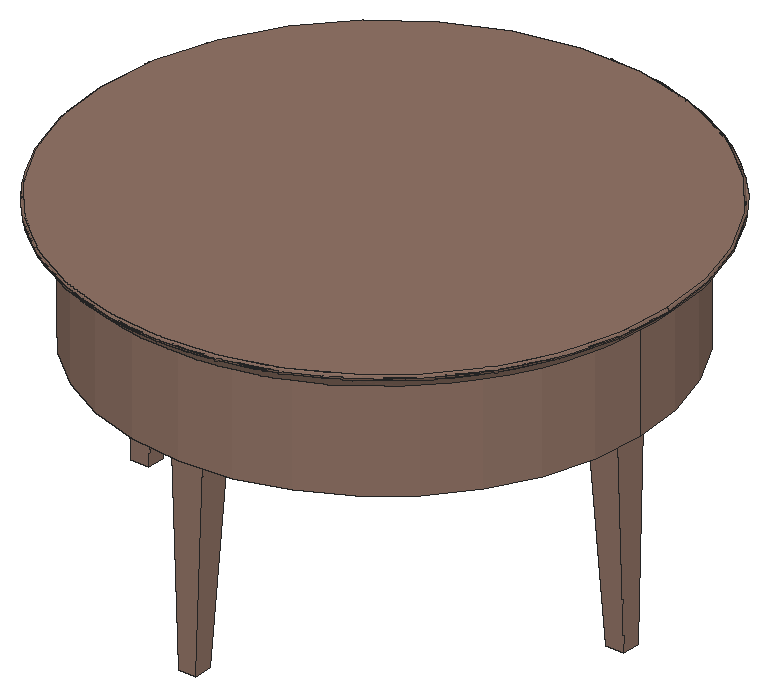
Revit family "OFS_BRANDS_EMBRACE_TABLES", category Furniture Systems, Revit 2013
Parameters (values of type "ROUND COCKTAIL TABLE")
  W3 = 0' - 0.36405"
  W2 = 0' - 0.82345"
  W = 2' - 0"
  URL = "http://ofsbrands.com"
  SQUARE TABLE = no
  ROUND TABLE = yes
  Model = "EFC108-32RD"
  Manufacturer = "OFS BRANDS"
  LEG.P.R2 = 2' - 3.87996"
  LEG.P.R1 = 2' - 3.87996"
  LEG POSITION1 = 0' - 0 5/8"
  LEG POSITION 2 = 0' - 1 13/16"
  H3 = 0' - 6"
  H2 = 0' - 1"
  H.R2 = 1' - 5"
  H.R = 1' - 6"
  H LEG = 0' - 11"
  H = 1' - 6"
  Description = "OFS BRANDS Embrace Tables"
  DIAMETER2 = 2' - 5.06353"
  DIAMETER = 2' - 8.18395"
  D2 = 0' - 1 3/16"
  D = 2' - 0"
  Copyright © = "© OFS BRANDS 2017"
  Catalog = "OFS BRANDS http://ofs.com"
  Authoring Version = "Autodesk Revit Architecture 2013"
  Assembly Code = "E2020200"
Types (6): name | W | SQUARE TABLE | ROUND TABLE | Model | LEG.P.R2 | LEG.P.R1 | H.R2 | H.R | H LEG | H | DIAMETER2 | DIAMETER | D
  (no name) | 2' - 0" | no | yes | "EFC108-32RD" | 2' - 3.87996" | 2' - 3.87996" | 1' - 5" | 1' - 6" | 0' - 11" | 1' - 6" | 2' - 5.06353" | 2' - 8.18395" | 2' - 0"
  RECTANGLE CONSOLE TABLE | 5' - 0" | yes | no | "EFC108-18X60" | 1' - 2 5/32" | 1' - 2 5/32" | 2' - 11" | 3' - 0" | 2' - 5" | 3' - 0" | 1' - 4" | 1' - 5" | 1' - 6"
  SQUARE END TABLE | 2' - 0" | yes | no | "EFC108-24SQ" | 1' - 4" | 1' - 4" | 1' - 5" | 1' - 6" | 1' - 4" | 1' - 11" | 1' - 5" | 1' - 6" | 2' - 0"
  ROUND COCKTAIL TABLE | 2' - 0" | no | yes | "EFC108-32RD" | 2' - 3.87996" | 2' - 3.87996" | 1' - 5" | 1' - 6" | 0' - 11" | 1' - 6" | 2' - 5.06353" | 2' - 8.18395" | 2' - 0"
  ROUND END TABLE 24 | 2' - 0" | no | yes | "EFC108-24RD" | 1' - 8 5/32" | 1' - 8 5/32" | 1' - 10" | 1' - 11" | 1' - 4" | 1' - 11" | 1' - 9 1/2" | 2' - 0" | 2' - 0"
  ROUND END TABLE 18 | 2' - 0" | no | yes | "EFC108-18RD" | 1' - 2 5/32" | 1' - 2 5/32" | 1' - 10" | 1' - 11" | 1' - 4" | 1' - 11" | 1' - 3 1/2" | 1' - 6" | 2' - 0"
Reference planes (in)
  plane 1 "Center F/B": y = 0
  plane 2: z = 0
  plane 3 "Center L/R": x = 0
  plane 4: y = 12
  plane 5: y = -12
  plane 6: x = -12
  plane 7: x = 12
  plane 8: z = 18
  plane 9: y = 11.17655
  plane 10: y = -11.17655
  plane 11: y = 10.812
  plane 12: y = -10.8125
  plane 13: y = -10.1875
  plane 14: y = 10.187
  plane 15: x = -10.1875
  plane 16: x = -29.17655
  plane 17: x = -10.8125
  plane 18: x = 29.17655
  plane 19: x = 10.8125
  plane 20: x = 10.1875
  plane 21: z = 17
  plane 22: z = 11
  plane 23: z = 11
  plane 24: y = 13.93998
  plane 25: y = -13.93998
  plane 26: x = -13.93998
  plane 27: x = 13.93998
  plane 28: z = 18
  plane 29: z = 17
Forms (in)
  Extrusion 1, solid, material "OFS_BRANDS_EMBRACE_TABLES_WOOD", visible <- "SQUARE TABLE"
    sketch origin (0, 0, 0) x (1, 0, 0) y (0, 1, 0)
      loop
        line (-10.8125, 10.812) -> (-10.8125, -10.8125) -> (10.8125, -10.8125) -> (10.8125, 10.812) -> (-10.8125, 10.812)
    from 11 to 17
  Blend 2, solid, material "OFS_BRANDS_EMBRACE_TABLES_WOOD", visible <- "SQUARE TABLE"
    base sketch origin (0, 0, 0) x (1, 0, 0) y (0, 1, 0)
      loop
        line (-10.1875, 8.8125) -> (-8.8125, 8.8125) -> (-8.8125, 10.187) -> (-10.1875, 10.187) -> (-10.1875, 8.8125)
    top sketch origin (0, 0, 0) x (1, 0, 0) y (0, 1, 0)
      loop
        line (-10.1875, 10.187) -> (-10.1875, 8.43754) -> (-8.4375, 8.43754) -> (-8.4375, 10.187) -> (-10.1875, 10.187)
    from 0 to 11
  Blend 3, solid, material "OFS_BRANDS_EMBRACE_TABLES_WOOD", visible <- "SQUARE TABLE"
    base sketch origin (0, 0, 0) x (1, 0, 0) y (0, 1, 0)
      loop
        line (-10.1875, -8.8125) -> (-10.1875, -10.187) -> (-8.8125, -10.187) -> (-8.8125, -8.8125) -> (-10.1875, -8.8125)
    top sketch origin (0, 0, 0) x (1, 0, 0) y (0, 1, 0)
      loop
        line (-10.1875, -10.187) -> (-8.4375, -10.187) -> (-8.4375, -8.43754) -> (-10.1875, -8.43754) -> (-10.1875, -10.187)
    from 0 to 11
  Blend 4, solid, material "OFS_BRANDS_EMBRACE_TABLES_WOOD", visible <- "SQUARE TABLE"
    base sketch origin (0, 0, 0) x (-1, 0, 0) y (0, -1, 0)
      loop
        line (-10.1875, -8.8125) -> (-10.1875, -10.187) -> (-8.8125, -10.187) -> (-8.8125, -8.8125) -> (-10.1875, -8.8125)
    top sketch origin (0, 0, 0) x (-1, 0, 0) y (0, -1, 0)
      loop
        line (-10.1875, -10.187) -> (-8.4375, -10.187) -> (-8.4375, -8.43754) -> (-10.1875, -8.43754) -> (-10.1875, -10.187)
    from 0 to 11
  Blend 5, solid, material "OFS_BRANDS_EMBRACE_TABLES_WOOD", visible <- "SQUARE TABLE"
    base sketch origin (0, 0, 0) x (-1, 0, 0) y (0, -1, 0)
      loop
        line (-10.1875, 8.8125) -> (-8.8125, 8.8125) -> (-8.8125, 10.187) -> (-10.1875, 10.187) -> (-10.1875, 8.8125)
    top sketch origin (0, 0, 0) x (-1, 0, 0) y (0, -1, 0)
      loop
        line (-10.1875, 10.187) -> (-10.1875, 8.43754) -> (-8.4375, 8.43754) -> (-8.4375, 10.187) -> (-10.1875, 10.187)
    from 0 to 11
  Extrusion 6, solid, material "OFS_BRANDS_EMBRACE_TABLES_WOOD", visible <- "SQUARE TABLE"
    sketch origin (0, 0, 0) x (1, 0, 0) y (0, 1, 0)
      loop
        line (-12, 12) -> (-12, -12) -> (12, -12) -> (12, 12) -> (-12, 12)
    from 17 to 18
  Sweep 7, void
    path in 3D
      loop
        line (-12, 12, 18) -> (-12, -12, 18) -> (12, -12, 18) -> (12, 12, 18) -> (-12, 12, 18)
    profile origin (0, 12, 18) x (0, -1, 0) y (0, 0, 1)
      loop
        line (-0.04469, 0.02093) -> (-0.04469, -1) -> (0.82345, -1) -> (0.06073, -0.30015)
        arc (0.06073, -0.30015) -> (0.00633, -0.11369) -> (0.14635, 0.02093) r 0.1875
        line (0.14635, 0.02093) -> (-0.04469, 0.02093)
  Blend 8, solid, material "OFS_BRANDS_EMBRACE_TABLES_WOOD", visible <- "ROUND TABLE"
    base sketch origin (0, 0, 0) x (0, 1, 0) y (-1, 0, 0)
      loop
        line (-0.5, 13.93998) -> (-0.5, 12.93998) -> (0.5, 12.93998) -> (0.5, 13.93998) -> (-0.5, 13.93998)
    top sketch origin (0, 0, 0) x (0, 1, 0) y (-1, 0, 0)
      loop
        line (-0.87471, 13.93998) -> (-0.87471, 12.19114) -> (0.87471, 12.19114) -> (0.87471, 13.93998) -> (-0.87471, 13.93998)
    from 0 to 11
  Blend 9, solid, material "OFS_BRANDS_EMBRACE_TABLES_WOOD", visible <- "ROUND TABLE"
    base sketch origin (0, 0, 0) x (0, 1, 0) y (-1, 0, 0)
      loop
        line (-0.5, -13.93998) -> (0.5, -13.93998) -> (0.5, -12.93998) -> (-0.5, -12.93998) -> (-0.5, -13.93998)
    top sketch origin (0, 0, 0) x (0, 1, 0) y (-1, 0, 0)
      loop
        line (-0.87471, -13.93998) -> (0.87471, -13.93998) -> (0.87471, -12.19114) -> (-0.87471, -12.19114) -> (-0.87471, -13.93998)
    from 0 to 11
  Extrusion 10, solid, material "OFS_BRANDS_EMBRACE_TABLES_WOOD", visible <- "ROUND TABLE"
    sketch origin (0, 0, -4.99999) x (1, 0, 0) y (0, 1, 0)
      loop
        circle (0, 0) r 14.53177
    from 15.99999 to 22
  Blend 11, solid, material "OFS_BRANDS_EMBRACE_TABLES_WOOD", visible <- "ROUND TABLE"
    base sketch origin (0, 0, 0) x (1, 0, 0) y (0, 1, 0)
      loop
        line (-0.5, 13.93998) -> (-0.5, 12.93998) -> (0.5, 12.93998) -> (0.5, 13.93998) -> (-0.5, 13.93998)
    top sketch origin (0, 0, 0) x (1, 0, 0) y (0, 1, 0)
      loop
        line (-0.87471, 13.93998) -> (-0.87471, 12.19114) -> (0.87471, 12.19114) -> (0.87471, 13.93998) -> (-0.87471, 13.93998)
    from 0 to 11
  Blend 12, solid, material "OFS_BRANDS_EMBRACE_TABLES_WOOD", visible <- "ROUND TABLE"
    base sketch origin (0, 0, 0) x (1, 0, 0) y (0, 1, 0)
      loop
        line (-0.5, -13.93998) -> (0.5, -13.93998) -> (0.5, -12.93998) -> (-0.5, -12.93998) -> (-0.5, -13.93998)
    top sketch origin (0, 0, 0) x (1, 0, 0) y (0, 1, 0)
      loop
        line (-0.87471, -13.93998) -> (0.87471, -13.93998) -> (0.87471, -12.19114) -> (-0.87471, -12.19114) -> (-0.87471, -13.93998)
    from 0 to 11
  Extrusion 13, solid, material "OFS_BRANDS_EMBRACE_TABLES_WOOD", visible <- "ROUND TABLE"
    sketch origin (0, 0, 0) x (1, 0, 0) y (0, 1, 0)
      loop
        circle (0, 0) r 16.09198
    from 17 to 18
  Sweep 14, void
    path in 3D
      loop
        arc (16.09198, 0, 18) -> (0, -16.09198, 18) -> (-16.09198, 0, 18) r 16.09198
        arc (-16.09198, 0, 18) -> (0, 16.09198, 18) -> (16.09198, 0, 18) r 16.09198
    profile origin (0, 16.09198, 18) x (0, 1, 0) y (0, 0, 1)
      loop
        line (-0.05962, -0.30015) -> (-0.82233, -1) -> (0.0922, -1) -> (0.0922, 0) -> (-0.09198, 0)
        arc (-0.09198, 0) -> (0.00004, -0.1419) -> (-0.05962, -0.30015) r 0.1875
Cuts and joins
  Sweep 7 cuts Extrusion 6
  Sweep 14 cuts Extrusion 13
Lines and regions (in)
  sketch lines
    curve 1: line (12, 12, 18) -> (-12, 12, 18)
    curve 2: line (-12, 12, 18) -> (-12, -12, 18)
    curve 3: line (-12, -12, 18) -> (12, -12, 18)
    curve 4: line (12, -12, 18) -> (12, 12, 18)
    curve 5: arc (-16.09198, 0, 18) -> (0, 16.09198, 18) -> (16.09198, 0, 18) r 16.09198
    curve 6: arc (16.09198, 0, 18) -> (0, -16.09198, 18) -> (-16.09198, 0, 18) r 16.09198
Dimensions and locks (in)
  "D": plane 4 to plane 5
  "W": plane 6 to plane 7
  "H": plane 8 to level
  locked: plane 4 to plane 9 at 0.82345
  plane 9 to plane 11 = 0' - 0.36455"
  "W2": plane 5 to plane 10
  "W3": plane 10 to plane 12
  equal spacing: plane 6, plane 3 "Center L/R", plane 7
  equal spacing: plane 4, plane 1 "Center F/B", plane 5
  "LEG POSITION1": plane 13 to plane 12
  "LEG POSITION1": plane 11 to plane 14
  "LEG POSITION 2": plane 6 to plane 15
  "LEG POSITION 2": plane 20 to plane 7
  "D2": plane 6 to plane 17
  "D2": plane 19 to plane 7
  "H2": plane 8 to plane 21
  "H3": Extrusion 1 to Extrusion 1
  "H LEG": plane 23 to level
  "H.R": plane 28 to level
  "LEG.P.R2": plane 24 to plane 25
  equal spacing: plane 24, plane 1 "Center F/B", plane 25
  equal spacing: plane 26, plane 3 "Center L/R", plane 27
  "LEG.P.R1": plane 26 to plane 27
  "H.R2": plane 29 to level
  "DIAMETER2": diameter of Extrusion 10 sketch curve
  "DIAMETER": diameter of Extrusion 13 sketch curve
  aligned and locked: level to plane 2
  aligned and locked: plane 11 to Extrusion 1
  aligned and locked: Extrusion 1 to plane 12
  aligned and locked: Blend 2 to Extrusion 1
  aligned and locked: plane 8 to Extrusion 6
  aligned and locked: Extrusion 6 to Extrusion 1
  aligned and locked: Blend 3 to Extrusion 1
  aligned and locked: Blend 5 to Extrusion 1
  aligned and locked: Blend 4 to Extrusion 1
  aligned and locked: Blend 8 to Extrusion 1
  aligned and locked: Blend 9 to Extrusion 1
  aligned and locked: Extrusion 10 to Extrusion 1  (x2)
  aligned and locked: Blend 12 to Blend 2
  aligned and locked: Blend 11 to Blend 2
  aligned and locked: Extrusion 10 to plane 23
  aligned and locked: plane 28 to Extrusion 13
  aligned and locked: Extrusion 13 to plane 29
Automatic sketch dimensions
  Extrusion 1 sketch curve to plane 12 = 0' - 0"
  Extrusion 1 sketch curve to plane 17 = 0' - 0"
  Extrusion 1 sketch curve to plane 11 = 0' - 0"
  Extrusion 1 sketch curve to plane 19 = 0' - 0"
  Blend 2 sketch curve to plane 15 = 0' - 0"  (x2)
  Blend 2 sketch curve to plane 14 = 0' - 0"  (x2)
  Blend 2 sketch curve to plane 14 = 0' - 1.3745"
  plane 15 to Blend 2 sketch curve = 0' - 1 3/8"
  Blend 2 sketch curve to plane 14 = 0' - 1.74946"
  plane 15 to Blend 2 sketch curve = 0' - 1 3/4"
  Blend 3 sketch curve to plane 15 = 0' - 0"  (x2)
  Blend 3 sketch curve to plane 13 = 0' - 1 3/8"
  Blend 3 sketch curve to plane 13 = 0' - 0.0005"  (x2)
  Blend 3 sketch curve to plane 15 = 0' - 1 3/8"
  Blend 3 sketch curve to plane 13 = 0' - 1.74996"
  Blend 3 sketch curve to plane 15 = 0' - 1 3/4"
  Blend 4 sketch curve to plane 20 = 0' - 0"  (x2)
  Blend 4 sketch curve to plane 14 = 0' - 0"  (x2)
  plane 14 to Blend 4 sketch curve = 0' - 1.3745"
  plane 20 to Blend 4 sketch curve = 0' - 1 3/8"
  plane 14 to Blend 4 sketch curve = 0' - 1.74946"
  plane 20 to Blend 4 sketch curve = 0' - 1 3/4"
  Blend 5 sketch curve to plane 20 = 0' - 0"  (x2)
  plane 13 to Blend 5 sketch curve = 0' - 1 3/8"
  plane 13 to Blend 5 sketch curve = 0' - 0.0005"  (x2)
  Blend 5 sketch curve to plane 20 = 0' - 1 3/8"
  plane 13 to Blend 5 sketch curve = 0' - 1.74996"
  Blend 5 sketch curve to plane 20 = 0' - 1 3/4"
  Extrusion 6 sketch curve to plane 4 = 0' - 0"
  Extrusion 6 sketch curve to plane 6 = 0' - 0"
  plane 5 to Extrusion 6 sketch curve = 0' - 0"
  Extrusion 6 sketch curve to plane 7 = 0' - 0"
  profile plane to Sweep 7 sketch curve = 0' - 0.04469"
  Sweep 7 sketch curve to profile plane = 0' - 1"
  Sweep 7 sketch curve to profile plane = 0' - 0.06073"
  profile plane to Sweep 7 sketch curve = 0' - 0.02093"
  Sweep 7 sketch curve to profile plane = 0' - 0.14635"
  Sweep 7 sketch curve to profile plane = 0' - 0.82345"
  Sweep 7 sketch curve to profile plane = 0' - 0 3/16"
  Sweep 7 sketch curve to profile plane = 0' - 0.30015"
  Blend 8 sketch curve to plane 26 = 0' - 0"  (x2)
  plane 1 "Center F/B" to Blend 8 sketch curve = 0' - 0 1/2"
  Blend 8 sketch curve to plane 26 = 0' - 1"
  Blend 8 sketch curve to plane 1 "Center F/B" = 0' - 0 1/2"
  plane 1 "Center F/B" to Blend 8 sketch curve = 0' - 0.87471"
  Blend 8 sketch curve to plane 26 = 0' - 1.74884"
  Blend 8 sketch curve to plane 1 "Center F/B" = 0' - 0.87471"
  Blend 9 sketch curve to plane 27 = 0' - 0"  (x2)
  Blend 9 sketch curve to plane 1 "Center F/B" = 0' - 0 1/2"
  plane 27 to Blend 9 sketch curve = 0' - 1"
  plane 1 "Center F/B" to Blend 9 sketch curve = 0' - 0 1/2"
  Blend 9 sketch curve to plane 1 "Center F/B" = 0' - 0.87471"
  plane 27 to Blend 9 sketch curve = 0' - 1.74884"
  plane 1 "Center F/B" to Blend 9 sketch curve = 0' - 0.87471"
  Blend 11 sketch curve to plane 24 = 0' - 0"  (x2)
  Blend 11 sketch curve to plane 3 "Center L/R" = 0' - 0 1/2"
  Blend 11 sketch curve to plane 24 = 0' - 1"
  plane 3 "Center L/R" to Blend 11 sketch curve = 0' - 0 1/2"
  Blend 11 sketch curve to plane 3 "Center L/R" = 0' - 0.87471"
  Blend 11 sketch curve to plane 24 = 0' - 1.74884"
  plane 3 "Center L/R" to Blend 11 sketch curve = 0' - 0.87471"
  Blend 12 sketch curve to plane 25 = 0' - 0"  (x2)
  plane 3 "Center L/R" to Blend 12 sketch curve = 0' - 0 1/2"
  Blend 12 sketch curve to plane 25 = 0' - 1"
  Blend 12 sketch curve to plane 3 "Center L/R" = 0' - 0 1/2"
  plane 3 "Center L/R" to Blend 12 sketch curve = 0' - 0.87471"
  Blend 12 sketch curve to plane 25 = 0' - 1.74884"
  Blend 12 sketch curve to plane 3 "Center L/R" = 0' - 0.87471"
  profile plane to Sweep 14 sketch curve = 0' - 0.82233"
  Sweep 14 sketch curve to profile plane = 0' - 1"
  Sweep 14 sketch curve to profile plane = 0' - 0"
  Sweep 14 sketch curve to profile plane = 0' - 0.0922"
  profile plane to Sweep 14 sketch curve = 0' - 0.18638"
  profile plane to Sweep 14 sketch curve = 0' - 0.09198"
  profile plane to Sweep 14 sketch curve = 0' - 0.05962"
  Sweep 14 sketch curve to profile plane = 0' - 0.30015"
  plane 1 "Center F/B" to Extrusion 10 sketch curve = 0' - 0"
  Extrusion 10 sketch curve to plane 3 "Center L/R" = 0' - 0"
  plane 1 "Center F/B" to Extrusion 13 sketch curve = 0' - 0"
  Extrusion 13 sketch curve to plane 3 "Center L/R" = 0' - 0"
